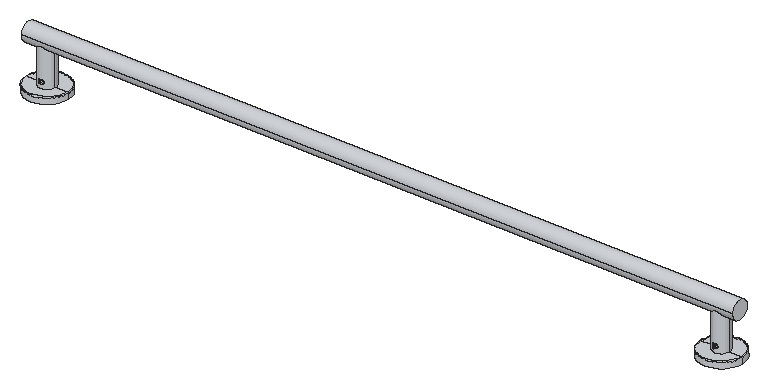
Revit family "Accessory-Towel_Bar-KOHLER-Stillness-K-14452", category Specialty Equipment, host Face, Revit 2015
Parameters (values of type "CP-Polished Chrome")
  Width = 2 1/2"  # constant formula
  WaterSense Certified = 1 = 0  # no
  URL = "https://www.us.kohler.com/us/"
  Type = 1
  Product Page URL = "http://www.us.kohler.com/us/catalog/productDetails.jsp?productNumber=14452"
  Product Name = "Stillness"  # constant formula
  Product Documentation Link = "https://www.us.kohler.com/webassets/kpna/catalog/pdf/en/K-14452_spec.pdf"
  Model = if(Type = 1, "K-14452-CP", if(Type = 2, "K-14452-BN", "NA"))  # "K-14452-CP"
  Material = "Solid-Brass Construction"  # constant formula
  MasterFormat 2004 = "10.28.13"  # constant formula
  MasterFormat 1995 = "10820"  # constant formula
  Manufacturer Address = "444 Highland Dr, Kohler, WI 53044"  # constant formula
  Manufacturer = "KOHLER Co."  # constant formula
  Length = 30"  # constant formula
  Height = 1 7/8"  # constant formula
  Finish = Kohler-Metal-CP-Polished_Chrome
  Environmental Product Declaration = ""
  Description = "30-inch Towel Bar"  # constant formula
  Default Elevation = 42"
  Declare Label = ""
  Date Modified = "06/07/2019"  # constant formula
  Date Created = "06/07/2019"  # constant formula
  Copyright = "Copyright KOHLER Co."  # constant formula
  Contact Us = "https://www.us.kohler.com/us/static/contact.jsp"
  Assembly Code = "C1030200"
  ADA Compliant = 1 = 0  # no
Types (2): name | Type | Model | Finish
  CP-Polished Chrome | 1 | "K-14452-CP" | Kohler-Metal-CP-Polished_Chrome
  BN-Vibrant Brushed Nickel | 2 | "K-14452-BN" | Kohler-Metal-BN-Vibrant_Brushed_Nickel
Reference planes (in)
  plane 1 "Center (Front/Back)": y = 0
  plane 2: z = 0
  plane 3 "Center (Left/Right)": x = 0
  plane 4: y = 0.9375
  plane 5: y = -0.9375
  plane 6: x = -15.9375
  plane 7: x = -14.0625
  plane 8: x = -15
  plane 9: x = 15.9375
  plane 10: x = 14.0625
  plane 11: x = 15
  plane 12: z = 2.5
  plane 13: z = 0.27559
Dimensions and locks (in)
  "Width": plane 12 to level
  "Length": plane 8 to plane 11
  "Height": plane 4 to plane 5
  plane 6 to plane 9 = 31 7/8"
  aligned and locked: plane 2 to host face
  aligned and locked: level to host face
Automatic sketch dimensions
  host sketch curve to host sketch curve = 96"  (x2)
Nested families (in)
  nested 1: "K-14452" at (0, 0, 0), type "K-14452"
Definition of nested family "K-14452"
  Parameters (values of type "K-14452")
    Finish = none
  Reference planes (in)
    plane 1 "Center (Front/Back)": y = 0
    plane 2: z = 0
    plane 3 "Center (Left/Right)": x = 0
    plane 4: z = 2.5
    plane 5: x = -15
    plane 6: x = 15
    plane 7: x = -15.9375
    plane 8: x = -14.0625
    plane 9: x = 15.9375
    plane 10: x = 14.0625
    plane 11: y = -0.9375
    plane 12: y = 0.9375
  Forms (in)
    Revolve 1, solid, material <- "Finish", detail levels medium+fine
      sketch origin (0, 0, 0) x (1, 0, 0) y (0, 0, 1)
        loop
          line (-15, 0) -> (-15, 2.1875) -> (-15.35513, 2.1875) -> (-15.35513, 0.27559) -> (-15.91779, 0.27559)
          arc (-15.91779, 0.27559) -> (-15.93173, 0.26982) -> (-15.9375, 0.25588) r 0.01971
          line (-15.9375, 0.25588) -> (-15.9375, 0) -> (-15, 0)
        axis (-15, 2.1875) -> (-15, 0)
      angle from 0 to 360
    Extrusion 2, solid, material <- "Finish", detail levels medium+fine
      sketch origin (0, 0, 0) x (0, 1, 0) y (0, 0, 1)
        loop
          circle (0, 2.10681) r 0.39319
      from -15.82755 to 15.82599
    Revolve 3, solid, material <- "Finish", detail levels medium+fine
      sketch origin (0, 0, 0) x (-1, 0, 0) y (0, 0, -1)
        loop
          line (-15, 0) -> (-15.9375, 0) -> (-15.9375, -0.25588)
          arc (-15.9375, -0.25588) -> (-15.93173, -0.26982) -> (-15.91779, -0.27559) r 0.01971
          line (-15.91779, -0.27559) -> (-15.35513, -0.27559) -> (-15.35513, -2.1875) -> (-15, -2.1875) -> (-15, 0)
        axis (-15, -2.1875) -> (-15, 0)
      angle from 0 to 360
    Extrusion 4, void
      sketch origin (0, 0, 0) x (-1, 0, 0) y (0, 0, 1)
        loop
          circle (15, 0.53137) r 0.12426
      from -0.18587 to -0.41494
    Extrusion 5, solid, material <- "Finish", detail levels medium+fine
      sketch origin (0, 0, 0) x (-1, 0, 0) y (0, 0, 1)
        loop
          line (14.96669, 0.47244) -> (15.03488, 0.47244) -> (15.06897, 0.5315) -> (15.03488, 0.59055) -> (14.96669, 0.59055) -> (14.93259, 0.5315) -> (14.96669, 0.47244)
        loop
          circle (15.00078, 0.5315) r 0.1099
      from -0.18587 to -0.33465
    Extrusion 6, void
      sketch origin (30, 0, 0) x (-1, 0, 0) y (0, 0, 1)
        loop
          circle (15, 0.53137) r 0.12426
      from -0.18587 to -0.41494
    Extrusion 7, solid, material <- "Finish", detail levels medium+fine
      sketch origin (30, 0, 0) x (-1, 0, 0) y (0, 0, 1)
        loop
          line (14.96669, 0.47244) -> (15.03488, 0.47244) -> (15.06897, 0.5315) -> (15.03488, 0.59055) -> (14.96669, 0.59055) -> (14.93259, 0.5315) -> (14.96669, 0.47244)
        loop
          circle (15.00078, 0.5315) r 0.1099
      from -0.18587 to -0.33465
    Revolve 8, solid, material <- "Finish", detail levels coarse
      sketch origin (0, 0, 0) x (1, 0, 0) y (0, 0, 1)
        loop
          line (-15, 0) -> (-15, 2.1875) -> (-15.35513, 2.1875) -> (-15.35513, 0.27559) -> (-15.9375, 0.27559) -> (-15.9375, 0) -> (-15, 0)
        axis (-15, 2.1875) -> (-15, 0)
      angle from 0 to 360
    Revolve 9, solid, material <- "Finish", detail levels coarse
      sketch origin (0, 0, 0) x (-1, 0, 0) y (0, 0, -1)
        loop
          line (-15, 0) -> (-15.9375, 0) -> (-15.9375, -0.27559) -> (-15.35513, -0.27559) -> (-15.35513, -2.1875) -> (-15, -2.1875) -> (-15, 0)
        axis (-15, -2.1875) -> (-15, 0)
      angle from 0 to 360
    Extrusion 10, solid, material <- "Finish", detail levels coarse
      sketch origin (0, 0, 0) x (0, 1, 0) y (0, 0, 1)
        loop
          circle (0, 2.10681) r 0.39319
      from -15.82755 to 15.82599
  Cuts and joins
    Extrusion 4, Extrusion 6 cuts Revolve 1
    Extrusion 4, Extrusion 6 cuts Extrusion 2
    Extrusion 4, Extrusion 6 cuts Revolve 3
    Extrusion 6 cuts Extrusion 5
    joined: Revolve 1, Extrusion 2, Revolve 3, Extrusion 5, Extrusion 7
    joined: Revolve 8, Revolve 9, Extrusion 10
  Lines and regions (in)
    Masking region 1
      outline origin (0, 0, 0) x (1, 0, 0) y (0, 1, 0)
        loop
          arc (-14.14894, 0.39319) -> (-15.9375, 0) -> (-14.14894, -0.39319) r 0.9375
          line (-14.14894, -0.39319) -> (14.14894, -0.39319)
          arc (14.14894, -0.39319) -> (15.9375, 0) -> (14.14894, 0.39319) r 0.9375
          line (14.14894, 0.39319) -> (-14.14894, 0.39319)
    Masking region 2
      outline origin (0, 0, 0) x (1, 0, 0) y (0, 0, 1)
        loop
          line (-15.9375, 0.25537) -> (-15.9375, 0) -> (-14.0625, 0) -> (-14.0625, 0.25444)
          arc (-14.0625, 0.25444) -> (-14.06869, 0.2694) -> (-14.08365, 0.27559) r 0.02115
          line (-14.08365, 0.27559) -> (-14.64487, 0.27559) -> (-14.64487, 1.71363) -> (14.64487, 1.71363) -> (14.64487, 0.27559) -> (14.08365, 0.27559)
          arc (14.08365, 0.27559) -> (14.06869, 0.2694) -> (14.0625, 0.25444) r 0.02115
          line (14.0625, 0.25444) -> (14.0625, 0) -> (15.9375, 0) -> (15.9375, 0.25537)
          arc (15.9375, 0.25537) -> (15.93158, 0.26967) -> (15.91728, 0.27559) r 0.02022
          line (15.91728, 0.27559) -> (15.35513, 0.27559) -> (15.35513, 1.71363) -> (15.82755, 1.71363) -> (15.82755, 2.5) -> (-15.82755, 2.5) -> (-15.82755, 1.71363) -> (-15.35513, 1.71363) -> (-15.35513, 0.27559) -> (-15.91728, 0.27559)
          arc (-15.91728, 0.27559) -> (-15.93158, 0.26967) -> (-15.9375, 0.25537) r 0.02022
    Masking region 3
      outline origin (0, 0, 0) x (0, 1, 0) y (0, 0, 1)
        loop
          line (0.9375, 0) -> (0.9375, 0.27559) -> (0.35513, 0.27559) -> (0.35513, 1.93806)
          arc (0.35513, 1.93806) -> (0, 2.5) -> (-0.35513, 1.93806) r 0.39319
          line (-0.35513, 1.93806) -> (-0.35513, 0.65339)
          arc (-0.35513, 0.65339) -> (-0.33319, 0.52839) -> (-0.35513, 0.40339) r 0.36712
          line (-0.35513, 0.40339) -> (-0.35513, 0.27559) -> (-0.9375, 0.27559) -> (-0.9375, 0) -> (0.9375, 0)
    symbolic lines, detail levels medium+fine
      curve 1: line (-14.14894, 0.39319, 0) -> (-15.82599, 0.39319, 0)
      curve 2: line (-14.14894, -0.39319, 0) -> (-15.82599, -0.39319, 0)
      curve 3: line (-15.82599, 0.39319, 0) -> (-15.82599, -0.39319, 0)
      curve 4: line (14.14894, 0.39319, 0) -> (15.82599, 0.39319, 0)
      curve 5: line (14.14894, -0.39319, 0) -> (15.82599, -0.39319, 0)
      curve 6: line (15.82599, 0.39319, 0) -> (15.82599, -0.39319, 0)
      curve 7: line (-15.35513, 0, 0.27559) -> (-14.64487, 0, 0.27559)
      curve 8: line (-15.35513, 0, 1.71363) -> (-15, 0, 1.93808)
      curve 9: line (-14.64487, 0, 1.71363) -> (-15, 0, 1.93808)
      curve 10: line (15.35513, 0, 1.71363) -> (15, 0, 1.93808)
      curve 11: line (14.64487, 0, 1.71363) -> (15, 0, 1.93808)
      curve 12: line (15.35513, 0, 0.27559) -> (14.64487, 0, 0.27559)
      curve 13: arc (0, -0.35513, 1.93806) -> (0, 0, 1.71363) -> (0, 0.35513, 1.93806) r 0.39319
      curve 14: line (0, -0.35513, 0.27559) -> (0, 0.35513, 0.27559)
  Dimensions and locks (in)
    plane 4 to level = 2 1/2"
    aligned and locked: plane 2 to level
